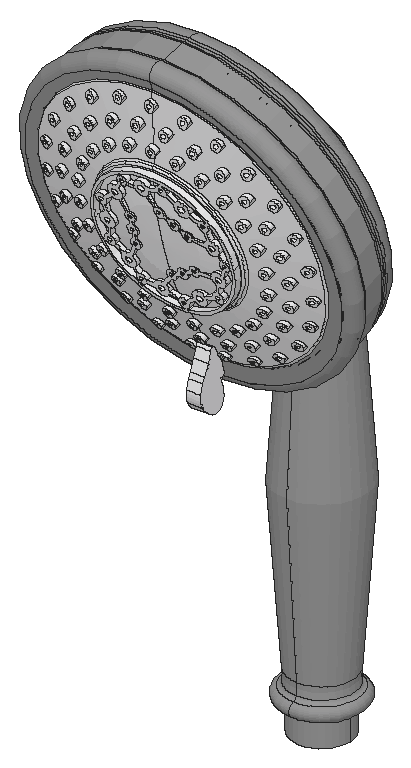
Revit family "Shower-Handshower-KOHLER-RAIN_DUET-K-98952T_1", category Plumbing Fixtures, host Face, Revit 2017 (continued)
Definition of nested family "K-98952T"
  Lines and regions (in)
    symbolic lines, detail levels medium+fine
      curve 207: spline (0.76282, 0, 6.97311) -> (0.76001, 0, 6.97206) -> (0.75705, 0, 6.97157) -> (0.75404, 0, 6.97166) -> (0.75111, 0, 6.97232) -> (0.74837, 0, 6.97353) -> (0.74594, 0, 6.97524) -> (0.74391, 0, 6.97738) -> (0.74237, 0, 6.97986) -> (0.74137, 0, 6.98259) -> (0.74095, 0, 6.98546) -> (0.74114, 0, 6.98835) -> (0.74192, 0, 6.99114)
      curve 208: spline (0.71493, 0, 6.95702) -> (0.71733, 0, 6.95838) -> (0.71997, 0, 6.95925) -> (0.72273, 0, 6.9596) -> (0.72552, 0, 6.95942) -> (0.7282, 0, 6.9587) -> (0.73069, 0, 6.95748) -> (0.73287, 0, 6.95581) -> (0.73466, 0, 6.95375) -> (0.73599, 0, 6.95139) -> (0.73681, 0, 6.94883) -> (0.73707, 0, 6.94616) -> (0.73678, 0, 6.94349)
      curve 209: spline (0.16468, 0, 6.63632) -> (0.16112, 0, 6.63554) -> (0.15747, 0, 6.63562) -> (0.15395, 0, 6.63656) -> (0.15078, 0, 6.63831) -> (0.14816, 0, 6.64075) -> (0.14624, 0, 6.64374) -> (0.14515, 0, 6.64709) -> (0.14495, 0, 6.6506) -> (0.14565, 0, 6.65405) -> (0.14721, 0, 6.65722) -> (0.14954, 0, 6.65993) -> (0.15248, 0, 6.66201)
      curve 210: spline (0.11033, 0, 6.65258) -> (0.11306, 0, 6.65216) -> (0.11564, 0, 6.65118) -> (0.11794, 0, 6.64968) -> (0.11984, 0, 6.64775) -> (0.12127, 0, 6.64546) -> (0.12215, 0, 6.64293) -> (0.12244, 0, 6.64028) -> (0.12213, 0, 6.63763) -> (0.12123, 0, 6.63511) -> (0.11979, 0, 6.63284) -> (0.11786, 0, 6.63092) -> (0.11556, 0, 6.62944)
      curve 211: spline (-0.49847, 0, 6.75211) -> (-0.5007, 0, 6.75516) -> (-0.50225, 0, 6.75858) -> (-0.50306, 0, 6.76222) -> (-0.5031, 0, 6.76595) -> (-0.50237, 0, 6.76962) -> (-0.50089, 0, 6.77306) -> (-0.49873, 0, 6.77616) -> (-0.49596, 0, 6.77878) -> (-0.49271, 0, 6.78081) -> (-0.48911, 0, 6.78218) -> (-0.48529, 0, 6.78283) -> (-0.48141, 0, 6.78274)
      curve 212: spline (-0.52005, 0, 6.79978) -> (-0.51767, 0, 6.79718) -> (-0.51596, 0, 6.79413) -> (-0.51502, 0, 6.79079) -> (-0.51489, 0, 6.78733) -> (-0.51558, 0, 6.78394) -> (-0.51706, 0, 6.78078) -> (-0.51924, 0, 6.77802) -> (-0.52201, 0, 6.77581) -> (-0.52523, 0, 6.77427) -> (-0.52873, 0, 6.77346) -> (-0.53233, 0, 6.77344) -> (-0.53584, 0, 6.77421)
      curve 213: spline (-0.91965, 0, 7.22774) -> (-0.9205, 0, 7.2314) -> (-0.92046, 0, 7.23514) -> (-0.91951, 0, 7.23878) -> (-0.91772, 0, 7.24211) -> (-0.91517, 0, 7.24495) -> (-0.91202, 0, 7.24715) -> (-0.90842, 0, 7.24859) -> (-0.90457, 0, 7.2492) -> (-0.90068, 0, 7.24893) -> (-0.89696, 0, 7.24781) -> (-0.89361, 0, 7.24589) -> (-0.89081, 0, 7.24328)
      curve 214: spline (-0.90804, 0, 7.28282) -> (-0.9081, 0, 7.2792) -> (-0.90907, 0, 7.2757) -> (-0.91091, 0, 7.27253) -> (-0.9135, 0, 7.2699) -> (-0.91668, 0, 7.26795) -> (-0.92026, 0, 7.26681) -> (-0.92401, 0, 7.26655) -> (-0.92773, 0, 7.26718) -> (-0.93116, 0, 7.26867) -> (-0.93412, 0, 7.27092) -> (-0.93641, 0, 7.2738) -> (-0.9379, 0, 7.27712)
      curve 215: spline (-0.87988, 0, 7.9386) -> (-0.88192, 0, 7.93627) -> (-0.88448, 0, 7.9345) -> (-0.88743, 0, 7.93338) -> (-0.89056, 0, 7.933) -> (-0.8937, 0, 7.93337) -> (-0.89665, 0, 7.93447) -> (-0.89923, 0, 7.93623) -> (-0.90127, 0, 7.93855) -> (-0.90266, 0, 7.94128) -> (-0.90331, 0, 7.94426) -> (-0.90318, 0, 7.94729) -> (-0.90227, 0, 7.95021)
      curve 216: spline (-0.91992, 0, 7.91016) -> (-0.91744, 0, 7.91207) -> (-0.91462, 0, 7.91347) -> (-0.91157, 0, 7.91432) -> (-0.90841, 0, 7.91457) -> (-0.90526, 0, 7.91423) -> (-0.90224, 0, 7.9133) -> (-0.89946, 0, 7.91183) -> (-0.89704, 0, 7.90986) -> (-0.89506, 0, 7.90747) -> (-0.89361, 0, 7.90476) -> (-0.89274, 0, 7.90182) -> (-0.89248, 0, 7.89878)
      curve 217: circle (0, 0, 7.60719) r 0.25187 normal (0, -1, 0)
      curve 218: spline (-0.14447, 0, 8.36538) -> (-0.13187, 0, 8.36379) -> (-0.12013, 0, 8.35911) -> (-0.11005, 0, 8.35167) -> (-0.10231, 0, 8.34198) -> (-0.09745, 0, 8.33069) -> (-0.09579, 0, 8.31858) -> (-0.09745, 0, 8.30646) -> (-0.10231, 0, 8.29517) -> (-0.11005, 0, 8.28548) -> (-0.12013, 0, 8.27804) -> (-0.13187, 0, 8.27336) -> (-0.14447, 0, 8.27177)
      curve 219: spline (-0.14447, 0, 8.27177) -> (-0.15706, 0, 8.27336) -> (-0.1688, 0, 8.27804) -> (-0.17888, 0, 8.28548) -> (-0.18662, 0, 8.29517) -> (-0.19148, 0, 8.30646) -> (-0.19314, 0, 8.31858) -> (-0.19148, 0, 8.33069) -> (-0.18662, 0, 8.34198) -> (-0.17888, 0, 8.35167) -> (-0.1688, 0, 8.35911) -> (-0.15706, 0, 8.36379) -> (-0.14447, 0, 8.36538)
      curve 220: spline (-0.42234, 0, 8.35243) -> (-0.41372, 0, 8.35134) -> (-0.40568, 0, 8.34814) -> (-0.39878, 0, 8.34305) -> (-0.39349, 0, 8.33641) -> (-0.39016, 0, 8.32868) -> (-0.38903, 0, 8.32039) -> (-0.39016, 0, 8.3121) -> (-0.39349, 0, 8.30437) -> (-0.39878, 0, 8.29773) -> (-0.40568, 0, 8.29264) -> (-0.41372, 0, 8.28944) -> (-0.42234, 0, 8.28835)
      curve 221: spline (-0.42234, 0, 8.28835) -> (-0.43096, 0, 8.28944) -> (-0.439, 0, 8.29264) -> (-0.4459, 0, 8.29773) -> (-0.45119, 0, 8.30437) -> (-0.45452, 0, 8.3121) -> (-0.45566, 0, 8.32039) -> (-0.45452, 0, 8.32868) -> (-0.45119, 0, 8.33641) -> (-0.4459, 0, 8.34305) -> (-0.439, 0, 8.34814) -> (-0.43096, 0, 8.35134) -> (-0.42234, 0, 8.35243)
      curve 222: spline (-0.57492, 0, 8.14178) -> (-0.56275, 0, 8.14024) -> (-0.55141, 0, 8.13573) -> (-0.54167, 0, 8.12854) -> (-0.53419, 0, 8.11917) -> (-0.5295, 0, 8.10827) -> (-0.52789, 0, 8.09656) -> (-0.5295, 0, 8.08486) -> (-0.53419, 0, 8.07395) -> (-0.54167, 0, 8.06459) -> (-0.55141, 0, 8.0574) -> (-0.56275, 0, 8.05288) -> (-0.57492, 0, 8.05134)
      curve 223: spline (-0.57492, 0, 8.05134) -> (-0.58709, 0, 8.05288) -> (-0.59843, 0, 8.0574) -> (-0.60817, 0, 8.06459) -> (-0.61564, 0, 8.07395) -> (-0.62034, 0, 8.08486) -> (-0.62194, 0, 8.09656) -> (-0.62034, 0, 8.10827) -> (-0.61564, 0, 8.11917) -> (-0.60817, 0, 8.12854) -> (-0.59843, 0, 8.13573) -> (-0.58709, 0, 8.14024) -> (-0.57492, 0, 8.14178)
      curve 224: spline (-0.81395, 0, 7.93232) -> (-0.8046, 0, 7.93113) -> (-0.79588, 0, 7.92766) -> (-0.7884, 0, 7.92214) -> (-0.78266, 0, 7.91494) -> (-0.77905, 0, 7.90656) -> (-0.77782, 0, 7.89756) -> (-0.77905, 0, 7.88857) -> (-0.78266, 0, 7.88019) -> (-0.7884, 0, 7.87299) -> (-0.79588, 0, 7.86747) -> (-0.8046, 0, 7.86399) -> (-0.81395, 0, 7.86281)
      curve 225: spline (-0.81395, 0, 7.86281) -> (-0.82331, 0, 7.86399) -> (-0.83202, 0, 7.86747) -> (-0.83951, 0, 7.87299) -> (-0.84525, 0, 7.88019) -> (-0.84886, 0, 7.88857) -> (-0.85009, 0, 7.89756) -> (-0.84886, 0, 7.90656) -> (-0.84525, 0, 7.91494) -> (-0.83951, 0, 7.92214) -> (-0.83202, 0, 7.92766) -> (-0.82331, 0, 7.93113) -> (-0.81395, 0, 7.93232)
      curve 226: spline (-0.42575, 0, 7.75729) -> (-0.43405, 0, 7.75834) -> (-0.44178, 0, 7.76142) -> (-0.44842, 0, 7.76632) -> (-0.45352, 0, 7.77271) -> (-0.45672, 0, 7.78014) -> (-0.45781, 0, 7.78812) -> (-0.45672, 0, 7.7961) -> (-0.45352, 0, 7.80354) -> (-0.44842, 0, 7.80992) -> (-0.44178, 0, 7.81482) -> (-0.43405, 0, 7.8179) -> (-0.42575, 0, 7.81895)
      curve 227: spline (-0.42575, 0, 7.81895) -> (-0.41746, 0, 7.8179) -> (-0.40973, 0, 7.81482) -> (-0.40309, 0, 7.80992) -> (-0.39799, 0, 7.80354) -> (-0.39479, 0, 7.7961) -> (-0.3937, 0, 7.78812) -> (-0.39479, 0, 7.78014) -> (-0.39799, 0, 7.77271) -> (-0.40309, 0, 7.76632) -> (-0.40973, 0, 7.76142) -> (-0.41746, 0, 7.75834) -> (-0.42575, 0, 7.75729)
      curve 228: spline (-0.79618, 0, 7.63078) -> (-0.7862, 0, 7.62952) -> (-0.77689, 0, 7.62581) -> (-0.7689, 0, 7.61991) -> (-0.76277, 0, 7.61223) -> (-0.75891, 0, 7.60328) -> (-0.7576, 0, 7.59367) -> (-0.75891, 0, 7.58407) -> (-0.76277, 0, 7.57512) -> (-0.7689, 0, 7.56743) -> (-0.77689, 0, 7.56154) -> (-0.7862, 0, 7.55783) -> (-0.79618, 0, 7.55656)
      curve 229: spline (-0.79618, 0, 7.55656) -> (-0.80617, 0, 7.55783) -> (-0.81547, 0, 7.56154) -> (-0.82347, 0, 7.56743) -> (-0.8296, 0, 7.57512) -> (-0.83345, 0, 7.58407) -> (-0.83477, 0, 7.59367) -> (-0.83345, 0, 7.60328) -> (-0.8296, 0, 7.61223) -> (-0.82347, 0, 7.61991) -> (-0.81547, 0, 7.62581) -> (-0.80617, 0, 7.62952) -> (-0.79618, 0, 7.63078)
      curve 230: spline (-0.43701, 0, 7.56036) -> (-0.44497, 0, 7.56137) -> (-0.45239, 0, 7.56433) -> (-0.45876, 0, 7.56903) -> (-0.46365, 0, 7.57515) -> (-0.46672, 0, 7.58229) -> (-0.46777, 0, 7.58995) -> (-0.46672, 0, 7.5976) -> (-0.46365, 0, 7.60474) -> (-0.45876, 0, 7.61086) -> (-0.45239, 0, 7.61557) -> (-0.44497, 0, 7.61852) -> (-0.43701, 0, 7.61953)
      curve 231: spline (-0.43701, 0, 7.61953) -> (-0.42904, 0, 7.61852) -> (-0.42163, 0, 7.61557) -> (-0.41525, 0, 7.61086) -> (-0.41037, 0, 7.60474) -> (-0.40729, 0, 7.5976) -> (-0.40624, 0, 7.58995) -> (-0.40729, 0, 7.58229) -> (-0.41037, 0, 7.57515) -> (-0.41525, 0, 7.56903) -> (-0.42163, 0, 7.56433) -> (-0.42904, 0, 7.56137) -> (-0.43701, 0, 7.56036)
      curve 232: spline (-0.82997, 0, 7.25946) -> (-0.83847, 0, 7.26054) -> (-0.84639, 0, 7.26369) -> (-0.85319, 0, 7.26871) -> (-0.85841, 0, 7.27525) -> (-0.86169, 0, 7.28287) -> (-0.86281, 0, 7.29104) -> (-0.86169, 0, 7.29921) -> (-0.85841, 0, 7.30683) -> (-0.85319, 0, 7.31337) -> (-0.84639, 0, 7.31839) -> (-0.83847, 0, 7.32154) -> (-0.82997, 0, 7.32262)
      curve 233: spline (-0.82997, 0, 7.32262) -> (-0.82148, 0, 7.32154) -> (-0.81356, 0, 7.31839) -> (-0.80676, 0, 7.31337) -> (-0.80154, 0, 7.30683) -> (-0.79826, 0, 7.29921) -> (-0.79714, 0, 7.29104) -> (-0.79826, 0, 7.28287) -> (-0.80154, 0, 7.27525) -> (-0.80676, 0, 7.26871) -> (-0.81356, 0, 7.26369) -> (-0.82148, 0, 7.26054) -> (-0.82997, 0, 7.25946)
      curve 234: spline (-0.4365, 0, 7.3505) -> (-0.44481, 0, 7.35156) -> (-0.45255, 0, 7.35464) -> (-0.4592, 0, 7.35955) -> (-0.4643, 0, 7.36594) -> (-0.46751, 0, 7.37339) -> (-0.46861, 0, 7.38138) -> (-0.46751, 0, 7.38938) -> (-0.4643, 0, 7.39682) -> (-0.4592, 0, 7.40322) -> (-0.45255, 0, 7.40813) -> (-0.44481, 0, 7.41121) -> (-0.4365, 0, 7.41226)
      curve 235: spline (-0.4365, 0, 7.41226) -> (-0.42819, 0, 7.41121) -> (-0.42044, 0, 7.40813) -> (-0.41379, 0, 7.40322) -> (-0.40869, 0, 7.39682) -> (-0.40548, 0, 7.38938) -> (-0.40439, 0, 7.38138) -> (-0.40548, 0, 7.37339) -> (-0.40869, 0, 7.36594) -> (-0.41379, 0, 7.35955) -> (-0.42044, 0, 7.35464) -> (-0.42819, 0, 7.35156) -> (-0.4365, 0, 7.3505)
      curve 236: spline (-0.60175, 0, 7.03686) -> (-0.61353, 0, 7.03835) -> (-0.62451, 0, 7.04272) -> (-0.63394, 0, 7.04968) -> (-0.64117, 0, 7.05874) -> (-0.64572, 0, 7.0693) -> (-0.64727, 0, 7.08063) -> (-0.64572, 0, 7.09196) -> (-0.64117, 0, 7.10251) -> (-0.63394, 0, 7.11158) -> (-0.62451, 0, 7.11853) -> (-0.61353, 0, 7.12291) -> (-0.60175, 0, 7.1244)
      curve 237: spline (-0.60175, 0, 7.1244) -> (-0.58997, 0, 7.12291) -> (-0.579, 0, 7.11853) -> (-0.56957, 0, 7.11158) -> (-0.56234, 0, 7.10251) -> (-0.55779, 0, 7.09196) -> (-0.55624, 0, 7.08063) -> (-0.55779, 0, 7.0693) -> (-0.56234, 0, 7.05874) -> (-0.56957, 0, 7.04968) -> (-0.579, 0, 7.04272) -> (-0.58997, 0, 7.03835) -> (-0.60175, 0, 7.03686)
      curve 238: spline (-0.47255, 0, 6.88051) -> (-0.46443, 0, 6.87948) -> (-0.45687, 0, 6.87647) -> (-0.45038, 0, 6.87168) -> (-0.4454, 0, 6.86543) -> (-0.44227, 0, 6.85816) -> (-0.4412, 0, 6.85036) -> (-0.44227, 0, 6.84256) -> (-0.4454, 0, 6.83529) -> (-0.45038, 0, 6.82904) -> (-0.45687, 0, 6.82425) -> (-0.46443, 0, 6.82124) -> (-0.47255, 0, 6.82021)
      curve 239: spline (-0.47255, 0, 6.82021) -> (-0.48066, 0, 6.82124) -> (-0.48822, 0, 6.82425) -> (-0.49471, 0, 6.82904) -> (-0.4997, 0, 6.83529) -> (-0.50283, 0, 6.84256) -> (-0.5039, 0, 6.85036) -> (-0.50283, 0, 6.85816) -> (-0.4997, 0, 6.86543) -> (-0.49471, 0, 6.87168) -> (-0.48822, 0, 6.87647) -> (-0.48066, 0, 6.87948) -> (-0.47255, 0, 6.88051)
      curve 240: spline (-0.1844, 0, 6.87171) -> (-0.17253, 0, 6.8702) -> (-0.16147, 0, 6.8658) -> (-0.15197, 0, 6.85879) -> (-0.14469, 0, 6.84966) -> (-0.1401, 0, 6.83902) -> (-0.13854, 0, 6.82761) -> (-0.1401, 0, 6.81619) -> (-0.14469, 0, 6.80556) -> (-0.15197, 0, 6.79642) -> (-0.16147, 0, 6.78941) -> (-0.17253, 0, 6.78501) -> (-0.1844, 0, 6.78351)
      curve 241: spline (-0.1844, 0, 6.78351) -> (-0.19627, 0, 6.78501) -> (-0.20732, 0, 6.78941) -> (-0.21682, 0, 6.79642) -> (-0.22411, 0, 6.80556) -> (-0.22869, 0, 6.81619) -> (-0.23025, 0, 6.82761) -> (-0.22869, 0, 6.83902) -> (-0.22411, 0, 6.84966) -> (-0.21682, 0, 6.85879) -> (-0.20732, 0, 6.8658) -> (-0.19627, 0, 6.8702) -> (-0.1844, 0, 6.87171)
      curve 242: spline (0.01877, 0, 7.0749) -> (0.01038, 0, 7.07596) -> (0.00257, 0, 7.07907) -> (-0.00414, 0, 7.08403) -> (-0.00929, 0, 7.09048) -> (-0.01253, 0, 7.098) -> (-0.01363, 0, 7.10606) -> (-0.01253, 0, 7.11412) -> (-0.00929, 0, 7.12164) -> (-0.00414, 0, 7.12809) -> (0.00257, 0, 7.13304) -> (0.01038, 0, 7.13616) -> (0.01877, 0, 7.13722)
      curve 243: spline (0.01877, 0, 7.13722) -> (0.02715, 0, 7.13616) -> (0.03497, 0, 7.13304) -> (0.04168, 0, 7.12809) -> (0.04683, 0, 7.12164) -> (0.05006, 0, 7.11412) -> (0.05117, 0, 7.10606) -> (0.05006, 0, 7.098) -> (0.04683, 0, 7.09048) -> (0.04168, 0, 7.08403) -> (0.03497, 0, 7.07907) -> (0.02715, 0, 7.07596) -> (0.01877, 0, 7.0749)
      curve 244: spline (0.11432, 0, 6.69759) -> (0.10613, 0, 6.69862) -> (0.0985, 0, 6.70166) -> (0.09194, 0, 6.7065) -> (0.08692, 0, 6.7128) -> (0.08375, 0, 6.72014) -> (0.08268, 0, 6.72802) -> (0.08375, 0, 6.73589) -> (0.08692, 0, 6.74323) -> (0.09194, 0, 6.74953) -> (0.0985, 0, 6.75437) -> (0.10613, 0, 6.75741) -> (0.11432, 0, 6.75844)
      curve 245: spline (0.11432, 0, 6.75844) -> (0.12251, 0, 6.75741) -> (0.13014, 0, 6.75437) -> (0.13669, 0, 6.74953) -> (0.14172, 0, 6.74323) -> (0.14488, 0, 6.73589) -> (0.14596, 0, 6.72802) -> (0.14488, 0, 6.72014) -> (0.14172, 0, 6.7128) -> (0.13669, 0, 6.7065) -> (0.13014, 0, 6.70166) -> (0.12251, 0, 6.69862) -> (0.11432, 0, 6.69759)
      curve 246: spline (0.37908, 0, 6.94177) -> (0.39173, 0, 6.94017) -> (0.40352, 0, 6.93547) -> (0.41364, 0, 6.928) -> (0.42141, 0, 6.91827) -> (0.42629, 0, 6.90693) -> (0.42796, 0, 6.89476) -> (0.42629, 0, 6.8826) -> (0.42141, 0, 6.87126) -> (0.41364, 0, 6.86152) -> (0.40352, 0, 6.85405) -> (0.39173, 0, 6.84936) -> (0.37908, 0, 6.84776)
      curve 247: spline (0.37908, 0, 6.84776) -> (0.36643, 0, 6.84936) -> (0.35464, 0, 6.85405) -> (0.34452, 0, 6.86152) -> (0.33675, 0, 6.87126) -> (0.33187, 0, 6.8826) -> (0.3302, 0, 6.89476) -> (0.33187, 0, 6.90693) -> (0.33675, 0, 6.91827) -> (0.34452, 0, 6.928) -> (0.35464, 0, 6.93547) -> (0.36643, 0, 6.94017) -> (0.37908, 0, 6.94177)
      curve 248: spline (0.66849, 0, 7.04854) -> (0.67673, 0, 7.04749) -> (0.6844, 0, 7.04444) -> (0.69099, 0, 7.03957) -> (0.69605, 0, 7.03323) -> (0.69923, 0, 7.02585) -> (0.70032, 0, 7.01793) -> (0.69923, 0, 7.01001) -> (0.69605, 0, 7.00263) -> (0.69099, 0, 6.99629) -> (0.6844, 0, 6.99143) -> (0.67673, 0, 6.98837) -> (0.66849, 0, 6.98733)
      curve 249: spline (0.66849, 0, 6.98733) -> (0.66026, 0, 6.98837) -> (0.65258, 0, 6.99143) -> (0.64599, 0, 6.99629) -> (0.64093, 0, 7.00263) -> (0.63776, 0, 7.01001) -> (0.63667, 0, 7.01793) -> (0.63776, 0, 7.02585) -> (0.64093, 0, 7.03323) -> (0.64599, 0, 7.03957) -> (0.65258, 0, 7.04444) -> (0.66026, 0, 7.04749) -> (0.66849, 0, 7.04854)
      curve 250: spline (0.20285, 0, 7.22633) -> (0.21107, 0, 7.22529) -> (0.21873, 0, 7.22224) -> (0.22531, 0, 7.21738) -> (0.23036, 0, 7.21105) -> (0.23353, 0, 7.20368) -> (0.23462, 0, 7.19578) -> (0.23353, 0, 7.18787) -> (0.23036, 0, 7.1805) -> (0.22531, 0, 7.17417) -> (0.21873, 0, 7.16932) -> (0.21107, 0, 7.16627) -> (0.20285, 0, 7.16523)
      curve 251: spline (0.20285, 0, 7.16523) -> (0.19463, 0, 7.16627) -> (0.18697, 0, 7.16932) -> (0.18039, 0, 7.17417) -> (0.17534, 0, 7.1805) -> (0.17216, 0, 7.18787) -> (0.17108, 0, 7.19578) -> (0.17216, 0, 7.20368) -> (0.17534, 0, 7.21105) -> (0.18039, 0, 7.21738) -> (0.18697, 0, 7.22224) -> (0.19463, 0, 7.22529) -> (0.20285, 0, 7.22633)
      curve 252: spline (0.3904, 0, 7.33043) -> (0.39846, 0, 7.32941) -> (0.40598, 0, 7.32642) -> (0.41243, 0, 7.32166) -> (0.41738, 0, 7.31546) -> (0.42049, 0, 7.30823) -> (0.42155, 0, 7.30048) -> (0.42049, 0, 7.29273) -> (0.41738, 0, 7.2855) -> (0.41243, 0, 7.2793) -> (0.40598, 0, 7.27454) -> (0.39846, 0, 7.27155) -> (0.3904, 0, 7.27053)
      curve 253: spline (0.3904, 0, 7.27053) -> (0.38234, 0, 7.27155) -> (0.37483, 0, 7.27454) -> (0.36838, 0, 7.2793) -> (0.36343, 0, 7.2855) -> (0.36032, 0, 7.29273) -> (0.35926, 0, 7.30048) -> (0.36032, 0, 7.30823) -> (0.36343, 0, 7.31546) -> (0.36838, 0, 7.32166) -> (0.37483, 0, 7.32642) -> (0.38234, 0, 7.32941) -> (0.3904, 0, 7.33043)
      curve 254: spline (0.74386, 0, 7.35799) -> (0.75591, 0, 7.35646) -> (0.76713, 0, 7.35199) -> (0.77677, 0, 7.34488) -> (0.78417, 0, 7.3356) -> (0.78882, 0, 7.32481) -> (0.79041, 0, 7.31322) -> (0.78882, 0, 7.30163) -> (0.78417, 0, 7.29084) -> (0.77677, 0, 7.28156) -> (0.76713, 0, 7.27445) -> (0.75591, 0, 7.26998) -> (0.74386, 0, 7.26845)
      curve 255: spline (0.74386, 0, 7.26845) -> (0.73181, 0, 7.26998) -> (0.72058, 0, 7.27445) -> (0.71094, 0, 7.28156) -> (0.70354, 0, 7.29084) -> (0.69889, 0, 7.30163) -> (0.69731, 0, 7.31322) -> (0.69889, 0, 7.32481) -> (0.70354, 0, 7.3356) -> (0.71094, 0, 7.34488) -> (0.72058, 0, 7.35199) -> (0.73181, 0, 7.35646) -> (0.74386, 0, 7.35799)
      curve 256: spline (0.88758, 0, 7.53977) -> (0.87921, 0, 7.54083) -> (0.87141, 0, 7.54394) -> (0.8647, 0, 7.54889) -> (0.85956, 0, 7.55533) -> (0.85633, 0, 7.56284) -> (0.85523, 0, 7.57089) -> (0.85633, 0, 7.57895) -> (0.85956, 0, 7.58645) -> (0.8647, 0, 7.5929) -> (0.87141, 0, 7.59784) -> (0.87921, 0, 7.60095) -> (0.88758, 0, 7.60201)
      curve 257: spline (0.88758, 0, 7.60201) -> (0.89596, 0, 7.60095) -> (0.90376, 0, 7.59784) -> (0.91046, 0, 7.5929) -> (0.9156, 0, 7.58645) -> (0.91884, 0, 7.57895) -> (0.91994, 0, 7.57089) -> (0.91884, 0, 7.56284) -> (0.9156, 0, 7.55533) -> (0.91046, 0, 7.54889) -> (0.90376, 0, 7.54394) -> (0.89596, 0, 7.54083) -> (0.88758, 0, 7.53977)
      curve 258: spline (0.75695, 0, 7.8342) -> (0.76932, 0, 7.83264) -> (0.78084, 0, 7.82805) -> (0.79074, 0, 7.82074) -> (0.79833, 0, 7.81123) -> (0.8031, 0, 7.80015) -> (0.80473, 0, 7.78826) -> (0.8031, 0, 7.77636) -> (0.79833, 0, 7.76528) -> (0.79074, 0, 7.75577) -> (0.78084, 0, 7.74846) -> (0.76932, 0, 7.74387) -> (0.75695, 0, 7.74231)
      curve 259: spline (0.75695, 0, 7.74231) -> (0.74459, 0, 7.74387) -> (0.73307, 0, 7.74846) -> (0.72317, 0, 7.75577) -> (0.71558, 0, 7.76528) -> (0.71081, 0, 7.77636) -> (0.70918, 0, 7.78826) -> (0.71081, 0, 7.80015) -> (0.71558, 0, 7.81123) -> (0.72317, 0, 7.82074) -> (0.73307, 0, 7.82805) -> (0.74459, 0, 7.83264) -> (0.75695, 0, 7.8342)
      curve 260: spline (0.40463, 0, 7.84924) -> (0.41297, 0, 7.84818) -> (0.42074, 0, 7.84509) -> (0.42742, 0, 7.84016) -> (0.43254, 0, 7.83374) -> (0.43576, 0, 7.82626) -> (0.43686, 0, 7.81824) -> (0.43576, 0, 7.81022) -> (0.43254, 0, 7.80274) -> (0.42742, 0, 7.79632) -> (0.42074, 0, 7.79139) -> (0.41297, 0, 7.7883) -> (0.40463, 0, 7.78724)
      curve 261: spline (0.40463, 0, 7.78724) -> (0.39628, 0, 7.7883) -> (0.38851, 0, 7.79139) -> (0.38183, 0, 7.79632) -> (0.37671, 0, 7.80274) -> (0.37349, 0, 7.81022) -> (0.37239, 0, 7.81824) -> (0.37349, 0, 7.82626) -> (0.37671, 0, 7.83374) -> (0.38183, 0, 7.84016) -> (0.38851, 0, 7.84509) -> (0.39628, 0, 7.84818) -> (0.40463, 0, 7.84924)
      curve 262: spline (0.2318, 0, 7.96239) -> (0.2414, 0, 7.96117) -> (0.25035, 0, 7.95761) -> (0.25804, 0, 7.95194) -> (0.26393, 0, 7.94455) -> (0.26764, 0, 7.93594) -> (0.26891, 0, 7.9267) -> (0.26764, 0, 7.91746) -> (0.26393, 0, 7.90886) -> (0.25804, 0, 7.90146) -> (0.25035, 0, 7.89579) -> (0.2414, 0, 7.89223) -> (0.2318, 0, 7.89101)
      curve 263: spline (0.2318, 0, 7.89101) -> (0.22219, 0, 7.89223) -> (0.21324, 0, 7.89579) -> (0.20556, 0, 7.90146) -> (0.19966, 0, 7.90886) -> (0.19595, 0, 7.91746) -> (0.19469, 0, 7.9267) -> (0.19595, 0, 7.93594) -> (0.19966, 0, 7.94455) -> (0.20556, 0, 7.95194) -> (0.21324, 0, 7.95761) -> (0.22219, 0, 7.96117) -> (0.2318, 0, 7.96239)
      curve 264: spline (0.04373, 0, 8.06296) -> (0.05245, 0, 8.06186) -> (0.06058, 0, 8.05862) -> (0.06756, 0, 8.05347) -> (0.07291, 0, 8.04676) -> (0.07628, 0, 8.03894) -> (0.07742, 0, 8.03056) -> (0.07628, 0, 8.02217) -> (0.07291, 0, 8.01436) -> (0.06756, 0, 8.00765) -> (0.06058, 0, 8.0025) -> (0.05245, 0, 7.99926) -> (0.04373, 0, 7.99816)
      curve 265: spline (0.04373, 0, 7.99816) -> (0.03502, 0, 7.99926) -> (0.02689, 0, 8.0025) -> (0.01991, 0, 8.00765) -> (0.01456, 0, 8.01436) -> (0.01119, 0, 8.02217) -> (0.01004, 0, 8.03056) -> (0.01119, 0, 8.03894) -> (0.01456, 0, 8.04676) -> (0.01991, 0, 8.05347) -> (0.02689, 0, 8.05862) -> (0.03502, 0, 8.06186) -> (0.04373, 0, 8.06296)
      curve 266: spline (0.15912, 0, 8.43454) -> (0.16749, 0, 8.43348) -> (0.17528, 0, 8.43037) -> (0.18198, 0, 8.42543) -> (0.18712, 0, 8.41899) -> (0.19034, 0, 8.4115) -> (0.19145, 0, 8.40345) -> (0.19034, 0, 8.3954) -> (0.18712, 0, 8.38791) -> (0.18198, 0, 8.38147) -> (0.17528, 0, 8.37653) -> (0.16749, 0, 8.37342) -> (0.15912, 0, 8.37236)
      curve 267: spline (0.15912, 0, 8.37236) -> (0.15075, 0, 8.37342) -> (0.14296, 0, 8.37653) -> (0.13626, 0, 8.38147) -> (0.13113, 0, 8.38791) -> (0.1279, 0, 8.3954) -> (0.1268, 0, 8.40345) -> (0.1279, 0, 8.4115) -> (0.13113, 0, 8.41899) -> (0.13626, 0, 8.42543) -> (0.14296, 0, 8.43037) -> (0.15075, 0, 8.43348) -> (0.15912, 0, 8.43454)
      curve 268: spline (0.41452, 0, 8.27373) -> (0.4282, 0, 8.272) -> (0.44094, 0, 8.26692) -> (0.45189, 0, 8.25884) -> (0.46029, 0, 8.24832) -> (0.46557, 0, 8.23606) -> (0.46737, 0, 8.22291) -> (0.46557, 0, 8.20975) -> (0.46029, 0, 8.19749) -> (0.45189, 0, 8.18697) -> (0.44094, 0, 8.17889) -> (0.4282, 0, 8.17381) -> (0.41452, 0, 8.17208)
      curve 269: spline (0.41452, 0, 8.17208) -> (0.40084, 0, 8.17381) -> (0.3881, 0, 8.17889) -> (0.37715, 0, 8.18697) -> (0.36875, 0, 8.19749) -> (0.36347, 0, 8.20975) -> (0.36167, 0, 8.22291) -> (0.36347, 0, 8.23606) -> (0.36875, 0, 8.24832) -> (0.37715, 0, 8.25884) -> (0.3881, 0, 8.26692) -> (0.40084, 0, 8.272) -> (0.41452, 0, 8.27373)
      curve 270: spline (0.69728, 0, 8.11869) -> (0.70585, 0, 8.1176) -> (0.71383, 0, 8.11442) -> (0.72069, 0, 8.10936) -> (0.72595, 0, 8.10276) -> (0.72926, 0, 8.09508) -> (0.73039, 0, 8.08684) -> (0.72926, 0, 8.0786) -> (0.72595, 0, 8.07092) -> (0.72069, 0, 8.06433) -> (0.71383, 0, 8.05927) -> (0.70585, 0, 8.05609) -> (0.69728, 0, 8.055)
      curve 271: spline (0.69728, 0, 8.055) -> (0.68871, 0, 8.05609) -> (0.68072, 0, 8.05927) -> (0.67386, 0, 8.06433) -> (0.6686, 0, 8.07092) -> (0.6653, 0, 8.0786) -> (0.66417, 0, 8.08684) -> (0.6653, 0, 8.09508) -> (0.6686, 0, 8.10276) -> (0.67386, 0, 8.10936) -> (0.68072, 0, 8.11442) -> (0.68871, 0, 8.1176) -> (0.69728, 0, 8.11869)
      curve 272: spline (-0.54174, 0, 9.38735) -> (-0.53955, 0, 9.40621) -> (-0.53244, 0, 9.42382) -> (-0.52092, 0, 9.43892) -> (-0.50582, 0, 9.45041) -> (-0.48822, 0, 9.45748) -> (-0.4694, 0, 9.45962) -> (-0.4507, 0, 9.45666) -> (-0.43348, 0, 9.44882) -> (-0.41897, 0, 9.43668) -> (-0.40821, 0, 9.42109) -> (-0.40198, 0, 9.40319) -> (-0.40073, 0, 9.38425)
      curve 273: spline (-0.39951, 0, 9.38419) -> (-0.40172, 0, 9.36535) -> (-0.40884, 0, 9.34776) -> (-0.42036, 0, 9.33269) -> (-0.43546, 0, 9.32121) -> (-0.45304, 0, 9.31415) -> (-0.47184, 0, 9.31202) -> (-0.49053, 0, 9.31498) -> (-0.50774, 0, 9.3228) -> (-0.52225, 0, 9.33493) -> (-0.53302, 0, 9.35049) -> (-0.53927, 0, 9.36838) -> (-0.54055, 0, 9.3873)
      curve 274: spline (-0.47664, 0, 9.4189) -> (-0.46808, 0, 9.41899) -> (-0.45978, 0, 9.41692) -> (-0.45226, 0, 9.41281) -> (-0.44603, 0, 9.40694) -> (-0.44148, 0, 9.39968) -> (-0.4389, 0, 9.3915) -> (-0.43846, 0, 9.38292) -> (-0.44019, 0, 9.37451) -> (-0.44397, 0, 9.3668) -> (-0.44957, 0, 9.3603) -> (-0.45662, 0, 9.35541) -> (-0.46467, 0, 9.35246)
      curve 275: spline (-0.46467, 0, 9.35246) -> (-0.47322, 0, 9.35238) -> (-0.48151, 0, 9.35447) -> (-0.489, 0, 9.35858) -> (-0.49522, 0, 9.36445) -> (-0.49977, 0, 9.3717) -> (-0.50234, 0, 9.37987) -> (-0.50278, 0, 9.38843) -> (-0.50106, 0, 9.39684) -> (-0.49729, 0, 9.40454) -> (-0.49171, 0, 9.41104) -> (-0.48467, 0, 9.41594) -> (-0.47664, 0, 9.4189)
      curve 276: spline (-0.27315, 0, 9.11866) -> (-0.27271, 0, 9.1374) -> (-0.26737, 0, 9.15536) -> (-0.25749, 0, 9.17128) -> (-0.24377, 0, 9.18404) -> (-0.22718, 0, 9.19274) -> (-0.20888, 0, 9.19677) -> (-0.19016, 0, 9.19584) -> (-0.17234, 0, 9.19003) -> (-0.15667, 0, 9.17974) -> (-0.14425, 0, 9.1657) -> (-0.13596, 0, 9.14888) -> (-0.13238, 0, 9.13048)
      curve 277: spline (-0.13238, 0, 9.13048) -> (-0.1327, 0, 9.11166) -> (-0.13798, 0, 9.0936) -> (-0.14783, 0, 9.07757) -> (-0.16157, 0, 9.06472) -> (-0.17822, 0, 9.05596) -> (-0.1966, 0, 9.0519) -> (-0.2154, 0, 9.05284) -> (-0.23328, 0, 9.0587) -> (-0.249, 0, 9.06908) -> (-0.26141, 0, 9.08324) -> (-0.26966, 0, 9.10016) -> (-0.27315, 0, 9.11866)
      curve 278: spline (-0.16879, 0, 9.12712) -> (-0.16896, 0, 9.11805) -> (-0.17151, 0, 9.10935) -> (-0.17627, 0, 9.10163) -> (-0.18289, 0, 9.09544) -> (-0.19092, 0, 9.09122) -> (-0.19978, 0, 9.08927) -> (-0.20884, 0, 9.08972) -> (-0.21746, 0, 9.09254) -> (-0.22503, 0, 9.09754) -> (-0.23102, 0, 9.10435) -> (-0.23501, 0, 9.11251) -> (-0.2367, 0, 9.12142)
      curve 279: spline (-0.2367, 0, 9.12142) -> (-0.2365, 0, 9.13047) -> (-0.23393, 0, 9.13915) -> (-0.22917, 0, 9.14684) -> (-0.22255, 0, 9.15301) -> (-0.21454, 0, 9.15721) -> (-0.2057, 0, 9.15916) -> (-0.19666, 0, 9.15871) -> (-0.18806, 0, 9.1559) -> (-0.18049, 0, 9.15093) -> (-0.1745, 0, 9.14414) -> (-0.1705, 0, 9.13601) -> (-0.16879, 0, 9.12712)
      curve 280: spline (-0.98338, 0, 9.22026) -> (-0.98054, 0, 9.23903) -> (-0.97293, 0, 9.2564) -> (-0.96107, 0, 9.27113) -> (-0.9458, 0, 9.2822) -> (-0.9282, 0, 9.28883) -> (-0.90951, 0, 9.29055) -> (-0.89103, 0, 9.28724) -> (-0.87407, 0, 9.27912) -> (-0.85983, 0, 9.26679) -> (-0.84931, 0, 9.25109) -> (-0.84324, 0, 9.23314) -> (-0.84205, 0, 9.21419)
      curve 281: spline (-0.83997, 0, 9.21409) -> (-0.8428, 0, 9.19533) -> (-0.8504, 0, 9.17798) -> (-0.86225, 0, 9.16326) -> (-0.8775, 0, 9.1522) -> (-0.89508, 0, 9.14558) -> (-0.91377, 0, 9.14386) -> (-0.93223, 0, 9.14717) -> (-0.94919, 0, 9.15528) -> (-0.96344, 0, 9.16761) -> (-0.97398, 0, 9.18329) -> (-0.98008, 0, 9.20123) -> (-0.98129, 0, 9.22016)
      curve 282: spline (-0.94662, 0, 9.21858) -> (-0.94524, 0, 9.22773) -> (-0.94153, 0, 9.23619) -> (-0.93575, 0, 9.24337) -> (-0.92831, 0, 9.24877) -> (-0.91973, 0, 9.252) -> (-0.91062, 0, 9.25284) -> (-0.90162, 0, 9.25122) -> (-0.89335, 0, 9.24727) -> (-0.8864, 0, 9.24125) -> (-0.88127, 0, 9.2336) -> (-0.8783, 0, 9.22485) -> (-0.87772, 0, 9.21562)
      curve 283: spline (-0.8767, 0, 9.21557) -> (-0.87809, 0, 9.20642) -> (-0.8818, 0, 9.19796) -> (-0.88758, 0, 9.19079) -> (-0.89502, 0, 9.18539) -> (-0.9036, 0, 9.18216) -> (-0.91271, 0, 9.18133) -> (-0.92171, 0, 9.18294) -> (-0.92998, 0, 9.18689) -> (-0.93692, 0, 9.1929) -> (-0.94205, 0, 9.20055) -> (-0.94502, 0, 9.2093) -> (-0.9456, 0, 9.21853)
      curve 284: spline (-0.66607, 0, 9.02953) -> (-0.66359, 0, 9.04813) -> (-0.65633, 0, 9.06541) -> (-0.64481, 0, 9.08016) -> (-0.62981, 0, 9.09134) -> (-0.61241, 0, 9.09818) -> (-0.59381, 0, 9.10019) -> (-0.57532, 0, 9.09723) -> (-0.55823, 0, 9.08952) -> (-0.54374, 0, 9.07758) -> (-0.53286, 0, 9.06226) -> (-0.52636, 0, 9.04464) -> (-0.52469, 0, 9.02593)
      curve 285: spline (-0.52366, 0, 9.02589) -> (-0.52615, 0, 9.00731) -> (-0.53341, 0, 8.99005) -> (-0.54493, 0, 8.97532) -> (-0.55992, 0, 8.96416) -> (-0.57731, 0, 8.95733) -> (-0.5959, 0, 8.95532) -> (-0.61438, 0, 8.95828) -> (-0.63146, 0, 8.96598) -> (-0.64596, 0, 8.9779) -> (-0.65684, 0, 8.9932) -> (-0.66337, 0, 9.01081) -> (-0.66506, 0, 9.0295)
      curve 286: spline (-0.63272, 0, 9.0286) -> (-0.6314, 0, 9.03848) -> (-0.62755, 0, 9.04766) -> (-0.62142, 0, 9.0555) -> (-0.61346, 0, 9.06144) -> (-0.60421, 0, 9.06508) -> (-0.59432, 0, 9.06614) -> (-0.58449, 0, 9.06457) -> (-0.57541, 0, 9.06047) -> (-0.5677, 0, 9.05413) -> (-0.56192, 0, 9.04599) -> (-0.55846, 0, 9.03662) -> (-0.55757, 0, 9.02668)
      curve 287: spline (-0.55701, 0, 9.02666) -> (-0.55833, 0, 9.01678) -> (-0.56219, 0, 9.0076) -> (-0.56832, 0, 8.99977) -> (-0.57628, 0, 8.99383) -> (-0.58553, 0, 8.9902) -> (-0.59541, 0, 8.98913) -> (-0.60524, 0, 8.9907) -> (-0.61432, 0, 8.9948) -> (-0.62202, 0, 9.00114) -> (-0.62781, 0, 9.00928) -> (-0.63127, 0, 9.01864) -> (-0.63216, 0, 9.02858)
      curve 288: spline (-1.30242, 0, 8.87718) -> (-1.32887, 0, 8.88514) -> (-1.35044, 0, 8.90277) -> (-1.3639, 0, 8.92742) -> (-1.36722, 0, 8.95539) -> (-1.3599, 0, 8.98246) -> (-1.34305, 0, 9.00458) -> (-1.31919, 0, 9.01841) -> (-1.29191, 0, 9.02188) -> (-1.26531, 0, 9.01447) -> (-1.2434, 0, 8.99728) -> (-1.22946, 0, 8.97291) -> (-1.22559, 0, 8.94502)
      curve 289: spline (-1.2232, 0, 8.94487) -> (-1.22435, 0, 8.93505) -> (-1.22679, 0, 8.92549) -> (-1.23048, 0, 8.91637) -> (-1.23536, 0, 8.90787) -> (-1.24133, 0, 8.90013) -> (-1.24828, 0, 8.8933) -> (-1.25609, 0, 8.88752) -> (-1.2646, 0, 8.88288) -> (-1.27366, 0, 8.87947) -> (-1.28311, 0, 8.87737) -> (-1.29275, 0, 8.8766) -> (-1.30242, 0, 8.87718)
      curve 290: spline (-1.332, 0, 8.95146) -> (-1.3314, 0, 8.95651) -> (-1.33014, 0, 8.96143) -> (-1.32822, 0, 8.96611) -> (-1.32569, 0, 8.97048) -> (-1.3226, 0, 8.97444) -> (-1.319, 0, 8.97793) -> (-1.31496, 0, 8.98087) -> (-1.31056, 0, 8.98322) -> (-1.30588, 0, 8.98492) -> (-1.30102, 0, 8.98595) -> (-1.29605, 0, 8.98628) -> (-1.29108, 0, 8.98591)
      curve 291: spline (-1.29108, 0, 8.98591) -> (-1.27769, 0, 8.98168) -> (-1.26684, 0, 8.97259) -> (-1.26013, 0, 8.95999) -> (-1.25858, 0, 8.94576) -> (-1.26241, 0, 8.93204) -> (-1.27106, 0, 8.92087) -> (-1.28322, 0, 8.91392) -> (-1.29709, 0, 8.91223) -> (-1.3106, 0, 8.91605) -> (-1.32171, 0, 8.92481) -> (-1.32878, 0, 8.93721) -> (-1.33074, 0, 8.95138)
      curve 292: spline (-1.02168, 0, 8.84288) -> (-1.01883, 0, 8.86137) -> (-1.0113, 0, 8.87843) -> (-0.99961, 0, 8.89288) -> (-0.98457, 0, 8.90373) -> (-0.9672, 0, 8.91023) -> (-0.9487, 0, 8.91193) -> (-0.93036, 0, 8.90872) -> (-0.91343, 0, 8.90081) -> (-0.89907, 0, 8.88876) -> (-0.88828, 0, 8.87339) -> (-0.8818, 0, 8.85576) -> (-0.88007, 0, 8.83708)
      curve 293: spline (-0.87868, 0, 8.83702) -> (-0.88152, 0, 8.81855) -> (-0.88903, 0, 8.80151) -> (-0.9007, 0, 8.78707) -> (-0.91574, 0, 8.77624) -> (-0.93309, 0, 8.76975) -> (-0.95158, 0, 8.76805) -> (-0.96992, 0, 8.77126) -> (-0.98686, 0, 8.77915) -> (-1.00122, 0, 8.79119) -> (-1.01203, 0, 8.80655) -> (-1.01853, 0, 8.82416) -> (-1.02028, 0, 8.84282)
      curve 294: spline (-0.98471, 0, 8.84127) -> (-0.98334, 0, 8.8502) -> (-0.97971, 0, 8.85843) -> (-0.97406, 0, 8.86541) -> (-0.9668, 0, 8.87065) -> (-0.95841, 0, 8.87379) -> (-0.94947, 0, 8.87461) -> (-0.94061, 0, 8.87306) -> (-0.93243, 0, 8.86924) -> (-0.92549, 0, 8.86342) -> (-0.92027, 0, 8.856) -> (-0.91714, 0, 8.84748) -> (-0.9163, 0, 8.83846)
      curve 295: spline (-0.91563, 0, 8.83844) -> (-0.91701, 0, 8.8295) -> (-0.92064, 0, 8.82127) -> (-0.92629, 0, 8.81429) -> (-0.93356, 0, 8.80905) -> (-0.94195, 0, 8.80591) -> (-0.95088, 0, 8.80509) -> (-0.95974, 0, 8.80664) -> (-0.96792, 0, 8.81046) -> (-0.97486, 0, 8.81628) -> (-0.98007, 0, 8.8237) -> (-0.9832, 0, 8.83222) -> (-0.98404, 0, 8.84124)
      curve 296: spline (-0.41702, 0, 8.79698) -> (-0.41466, 0, 8.81538) -> (-0.40756, 0, 8.8325) -> (-0.39621, 0, 8.84716) -> (-0.3814, 0, 8.85835) -> (-0.36415, 0, 8.86529) -> (-0.34566, 0, 8.86749) -> (-0.32722, 0, 8.86481) -> (-0.31009, 0, 8.85743) -> (-0.29547, 0, 8.84586) -> (-0.28437, 0, 8.8309) -> (-0.27755, 0, 8.8136) -> (-0.2755, 0, 8.79515)
      curve 297: spline (-0.27511, 0, 8.79514) -> (-0.27748, 0, 8.77677) -> (-0.28458, 0, 8.75967) -> (-0.29593, 0, 8.74503) -> (-0.31074, 0, 8.73386) -> (-0.32798, 0, 8.72693) -> (-0.34645, 0, 8.72473) -> (-0.36489, 0, 8.72741) -> (-0.38202, 0, 8.73478) -> (-0.39664, 0, 8.74633) -> (-0.40775, 0, 8.76126) -> (-0.41457, 0, 8.77855) -> (-0.41664, 0, 8.79698)
      curve 298: spline (-0.37782, 0, 8.78988) -> (-0.37848, 0, 8.79832) -> (-0.3769, 0, 8.80664) -> (-0.3732, 0, 8.81425) -> (-0.36764, 0, 8.82063) -> (-0.36059, 0, 8.82533) -> (-0.35254, 0, 8.82804) -> (-0.34405, 0, 8.82857) -> (-0.33571, 0, 8.82688) -> (-0.32809, 0, 8.82308) -> (-0.32171, 0, 8.81745) -> (-0.31702, 0, 8.81036) -> (-0.31434, 0, 8.80231)
      curve 299: spline (-0.31434, 0, 8.80231) -> (-0.31364, 0, 8.79383) -> (-0.31518, 0, 8.78547) -> (-0.31887, 0, 8.77781) -> (-0.32444, 0, 8.77139) -> (-0.33151, 0, 8.76666) -> (-0.33959, 0, 8.76393) -> (-0.34811, 0, 8.76341) -> (-0.35648, 0, 8.76512) -> (-0.36412, 0, 8.76895) -> (-0.3705, 0, 8.77464) -> (-0.37518, 0, 8.78178) -> (-0.37782, 0, 8.78988)
      curve 300: spline (0, 0, 8.9113) -> (0.0093, 0, 8.91061) -> (0.01842, 0, 8.90872) -> (0.02722, 0, 8.90567) -> (0.03555, 0, 8.9015) -> (0.04326, 0, 8.89629) -> (0.05023, 0, 8.89013) -> (0.05633, 0, 8.88311) -> (0.06146, 0, 8.87537) -> (0.06553, 0, 8.86703) -> (0.06847, 0, 8.85823) -> (0.07024, 0, 8.84912) -> (0.07081, 0, 8.83986)
      curve 301: spline (-0.07081, 0, 8.83986) -> (-0.07024, 0, 8.84911) -> (-0.06848, 0, 8.85822) -> (-0.06553, 0, 8.86702) -> (-0.06146, 0, 8.87536) -> (-0.05633, 0, 8.88311) -> (-0.05023, 0, 8.89012) -> (-0.04327, 0, 8.89629) -> (-0.03555, 0, 8.9015) -> (-0.02723, 0, 8.90567) -> (-0.01842, 0, 8.90872) -> (-0.0093, 0, 8.91061) -> (0, 0, 8.9113)
      curve 302: spline (0.07081, 0, 8.83986) -> (0.0703, 0, 8.83056) -> (0.06858, 0, 8.82141) -> (0.06567, 0, 8.81256) -> (0.06162, 0, 8.80417) -> (0.0565, 0, 8.79637) -> (0.0504, 0, 8.78931) -> (0.04342, 0, 8.78311) -> (0.03569, 0, 8.77787) -> (0.02733, 0, 8.77368) -> (0.0185, 0, 8.77061) -> (0.00933, 0, 8.76873) -> (-0.00001, 0, 8.76805)
      curve 303: spline (-0.00001, 0, 8.76805) -> (-0.00934, 0, 8.76874) -> (-0.0185, 0, 8.77063) -> (-0.02734, 0, 8.7737) -> (-0.0357, 0, 8.77789) -> (-0.04343, 0, 8.78313) -> (-0.0504, 0, 8.78934) -> (-0.0565, 0, 8.79639) -> (-0.06162, 0, 8.80418) -> (-0.06567, 0, 8.81257) -> (-0.06858, 0, 8.82142) -> (-0.0703, 0, 8.83056) -> (-0.07081, 0, 8.83986)
      curve 304: spline (0, 0, 8.87326) -> (0.00438, 0, 8.87294) -> (0.00869, 0, 8.87205) -> (0.01284, 0, 8.87062) -> (0.01676, 0, 8.86865) -> (0.0204, 0, 8.86619) -> (0.02368, 0, 8.86329) -> (0.02655, 0, 8.85998) -> (0.02896, 0, 8.85632) -> (0.03088, 0, 8.85239) -> (0.03226, 0, 8.84824) -> (0.03309, 0, 8.84394) -> (0.03335, 0, 8.83958)
      curve 305: spline (-0.03335, 0, 8.83958) -> (-0.03309, 0, 8.84394) -> (-0.03226, 0, 8.84824) -> (-0.03088, 0, 8.85239) -> (-0.02896, 0, 8.85632) -> (-0.02655, 0, 8.85997) -> (-0.02368, 0, 8.86328) -> (-0.02039, 0, 8.86619) -> (-0.01676, 0, 8.86865) -> (-0.01283, 0, 8.87061) -> (-0.00868, 0, 8.87205) -> (-0.00438, 0, 8.87294) -> (0, 0, 8.87326)
      curve 306: spline (0, 0, 8.80582) -> (-0.00439, 0, 8.80614) -> (-0.0087, 0, 8.80703) -> (-0.01286, 0, 8.80847) -> (-0.01679, 0, 8.81044) -> (-0.02043, 0, 8.8129) -> (-0.02371, 0, 8.81581) -> (-0.02658, 0, 8.81913) -> (-0.029, 0, 8.82279) -> (-0.03091, 0, 8.82674) -> (-0.03228, 0, 8.8309) -> (-0.0331, 0, 8.8352) -> (-0.03335, 0, 8.83958)
      curve 307: spline (0.03335, 0, 8.83958) -> (0.0331, 0, 8.83521) -> (0.03228, 0, 8.83091) -> (0.03091, 0, 8.82675) -> (0.029, 0, 8.8228) -> (0.02658, 0, 8.81914) -> (0.02371, 0, 8.81583) -> (0.02043, 0, 8.81291) -> (0.01679, 0, 8.81045) -> (0.01286, 0, 8.80848) -> (0.0087, 0, 8.80703) -> (0.00439, 0, 8.80614) -> (0, 0, 8.80582)
      curve 308: spline (-0.07067, 0, 9.44252) -> (-0.07029, 0, 9.45201) -> (-0.06868, 0, 9.46136) -> (-0.06586, 0, 9.47043) -> (-0.06188, 0, 9.47905) -> (-0.05682, 0, 9.48709) -> (-0.05075, 0, 9.49439) -> (-0.04378, 0, 9.50085) -> (-0.03603, 0, 9.50634) -> (-0.02763, 0, 9.51078) -> (-0.01872, 0, 9.51408) -> (-0.00946, 0, 9.5162) -> (0, 0, 9.5171)
      curve 309: spline (0, 0, 9.5171) -> (0.00946, 0, 9.5162) -> (0.01872, 0, 9.51409) -> (0.02763, 0, 9.51078) -> (0.03603, 0, 9.50634) -> (0.04378, 0, 9.50085) -> (0.05075, 0, 9.4944) -> (0.05682, 0, 9.48709) -> (0.06188, 0, 9.47906) -> (0.06586, 0, 9.47044) -> (0.06868, 0, 9.46137) -> (0.07029, 0, 9.45201) -> (0.07067, 0, 9.44252)
      curve 310: spline (0, 0, 9.36783) -> (-0.00948, 0, 9.36871) -> (-0.01875, 0, 9.37082) -> (-0.02768, 0, 9.37413) -> (-0.03609, 0, 9.37857) -> (-0.04385, 0, 9.38407) -> (-0.05083, 0, 9.39053) -> (-0.0569, 0, 9.39786) -> (-0.06196, 0, 9.40591) -> (-0.06592, 0, 9.41455) -> (-0.06873, 0, 9.42364) -> (-0.07032, 0, 9.43302) -> (-0.07067, 0, 9.44252)
      curve 311: spline (0.07067, 0, 9.44252) -> (0.07032, 0, 9.43302) -> (0.06873, 0, 9.42365) -> (0.06592, 0, 9.41456) -> (0.06196, 0, 9.40592) -> (0.05689, 0, 9.39787) -> (0.05082, 0, 9.39054) -> (0.04385, 0, 9.38408) -> (0.03608, 0, 9.37857) -> (0.02767, 0, 9.37413) -> (0.01875, 0, 9.37083) -> (0.00947, 0, 9.36871) -> (0, 0, 9.36783)
      curve 312: spline (0, 0, 9.47549) -> (0.00421, 0, 9.47509) -> (0.00833, 0, 9.47415) -> (0.0123, 0, 9.47269) -> (0.01603, 0, 9.47071) -> (0.01948, 0, 9.46827) -> (0.02259, 0, 9.4654) -> (0.02529, 0, 9.46215) -> (0.02754, 0, 9.45857) -> (0.02931, 0, 9.45474) -> (0.03057, 0, 9.4507) -> (0.03128, 0, 9.44654) -> (0.03145, 0, 9.44232)
      curve 313: spline (-0.03145, 0, 9.44232) -> (-0.03128, 0, 9.44654) -> (-0.03057, 0, 9.45071) -> (-0.02931, 0, 9.45474) -> (-0.02754, 0, 9.45858) -> (-0.02529, 0, 9.46216) -> (-0.02259, 0, 9.46541) -> (-0.01949, 0, 9.46828) -> (-0.01604, 0, 9.47072) -> (-0.0123, 0, 9.47269) -> (-0.00833, 0, 9.47416) -> (-0.00421, 0, 9.4751) -> (0, 0, 9.47549)
      curve 314: spline (0, 0, 9.40913) -> (-0.00421, 0, 9.40953) -> (-0.00834, 0, 9.41047) -> (-0.0123, 0, 9.41193) -> (-0.01604, 0, 9.41391) -> (-0.0195, 0, 9.41635) -> (-0.0226, 0, 9.41922) -> (-0.0253, 0, 9.42248) -> (-0.02755, 0, 9.42605) -> (-0.02932, 0, 9.4299) -> (-0.03057, 0, 9.43393) -> (-0.03129, 0, 9.4381) -> (-0.03145, 0, 9.44232)
      curve 315: spline (0.03145, 0, 9.44232) -> (0.03129, 0, 9.4381) -> (0.03057, 0, 9.43393) -> (0.02932, 0, 9.42989) -> (0.02756, 0, 9.42605) -> (0.0253, 0, 9.42247) -> (0.0226, 0, 9.41922) -> (0.0195, 0, 9.41635) -> (0.01605, 0, 9.4139) -> (0.0123, 0, 9.41193) -> (0.00834, 0, 9.41046) -> (0.00421, 0, 9.40952) -> (0, 0, 9.40913)
      curve 316: spline (-1.31754, 0, 8.57889) -> (-1.31444, 0, 8.59722) -> (-1.30675, 0, 8.61401) -> (-1.29501, 0, 8.62814) -> (-1.28, 0, 8.63865) -> (-1.26274, 0, 8.64483) -> (-1.24439, 0, 8.64627) -> (-1.22619, 0, 8.64286) -> (-1.20937, 0, 8.63483) -> (-1.19506, 0, 8.62274) -> (-1.18424, 0, 8.60739) -> (-1.17763, 0, 8.58982) -> (-1.17568, 0, 8.57122)
      curve 317: spline (-1.17428, 0, 8.57114) -> (-1.17735, 0, 8.55283) -> (-1.18501, 0, 8.53605) -> (-1.19673, 0, 8.52193) -> (-1.21172, 0, 8.51143) -> (-1.22897, 0, 8.50526) -> (-1.24731, 0, 8.50382) -> (-1.26551, 0, 8.50723) -> (-1.28234, 0, 8.51525) -> (-1.29666, 0, 8.52733) -> (-1.3075, 0, 8.54267) -> (-1.31413, 0, 8.56022) -> (-1.31611, 0, 8.57881)
      curve 318: spline (-1.27901, 0, 8.57669) -> (-1.27758, 0, 8.58516) -> (-1.27403, 0, 8.59292) -> (-1.26861, 0, 8.59945) -> (-1.26167, 0, 8.60431) -> (-1.25369, 0, 8.60717) -> (-1.24521, 0, 8.60783) -> (-1.23679, 0, 8.60626) -> (-1.22902, 0, 8.60255) -> (-1.2224, 0, 8.59696) -> (-1.2174, 0, 8.58986) -> (-1.21434, 0, 8.58174) -> (-1.21343, 0, 8.57314)
      curve 319: spline (-1.21278, 0, 8.57311) -> (-1.21422, 0, 8.56463) -> (-1.21777, 0, 8.55687) -> (-1.2232, 0, 8.55033) -> (-1.23014, 0, 8.54547) -> (-1.23812, 0, 8.54261) -> (-1.24661, 0, 8.54195) -> (-1.25502, 0, 8.54353) -> (-1.26279, 0, 8.54724) -> (-1.2694, 0, 8.55283) -> (-1.27441, 0, 8.55993) -> (-1.27746, 0, 8.56805) -> (-1.27836, 0, 8.57665)
      curve 320: spline (-0.74127, 0, 8.66783) -> (-0.7387, 0, 8.68615) -> (-0.73143, 0, 8.70311) -> (-0.71998, 0, 8.71756) -> (-0.70511, 0, 8.72851) -> (-0.68787, 0, 8.73519) -> (-0.66942, 0, 8.73715) -> (-0.65105, 0, 8.73426) -> (-0.63401, 0, 8.72671) -> (-0.61947, 0, 8.71503) -> (-0.60844, 0, 8.70001) -> (-0.60168, 0, 8.68269) -> (-0.59965, 0, 8.66426)
      curve 321: spline (-0.7034, 0, 8.66679) -> (-0.7022, 0, 8.67535) -> (-0.6988, 0, 8.68328) -> (-0.69345, 0, 8.69004) -> (-0.6865, 0, 8.69516) -> (-0.67843, 0, 8.69828) -> (-0.6698, 0, 8.6992) -> (-0.66121, 0, 8.69785) -> (-0.65323, 0, 8.69432) -> (-0.64643, 0, 8.68885) -> (-0.64127, 0, 8.68183) -> (-0.6381, 0, 8.67374) -> (-0.63715, 0, 8.66512)
      curve 322: spline (-0.63684, 0, 8.66511) -> (-0.63804, 0, 8.65655) -> (-0.64144, 0, 8.64861) -> (-0.6468, 0, 8.64186) -> (-0.65375, 0, 8.63674) -> (-0.66182, 0, 8.63361) -> (-0.67045, 0, 8.6327) -> (-0.67904, 0, 8.63405) -> (-0.68701, 0, 8.63758) -> (-0.69381, 0, 8.64304) -> (-0.69897, 0, 8.65006) -> (-0.70214, 0, 8.65816) -> (-0.70309, 0, 8.66678)
      curve 323: spline (-0.59899, 0, 8.66424) -> (-0.60155, 0, 8.64596) -> (-0.60881, 0, 8.62901) -> (-0.62025, 0, 8.61458) -> (-0.63511, 0, 8.60366) -> (-0.65235, 0, 8.59698) -> (-0.67078, 0, 8.59503) -> (-0.68915, 0, 8.59791) -> (-0.70619, 0, 8.60545) -> (-0.72073, 0, 8.61712) -> (-0.73177, 0, 8.63212) -> (-0.73855, 0, 8.64941) -> (-0.74061, 0, 8.66782)
      curve 324: spline (-1.0185, 0, 8.46565) -> (-1.01331, 0, 8.49087) -> (-0.99935, 0, 8.51237) -> (-0.97847, 0, 8.52728) -> (-0.95348, 0, 8.53361) -> (-0.9277, 0, 8.53051) -> (-0.90459, 0, 8.5184) -> (-0.88722, 0, 8.49889) -> (-0.87792, 0, 8.47459) -> (-0.87793, 0, 8.44875) -> (-0.88725, 0, 8.42481) -> (-0.90463, 0, 8.40598) -> (-0.92776, 0, 8.39477)
      curve 325: spline (-0.92776, 0, 8.39477) -> (-0.93852, 0, 8.39286) -> (-0.94947, 0, 8.39264) -> (-0.96037, 0, 8.39411) -> (-0.97094, 0, 8.39722) -> (-0.98093, 0, 8.40192) -> (-0.99011, 0, 8.40808) -> (-0.99826, 0, 8.41556) -> (-1.00517, 0, 8.42418) -> (-1.01069, 0, 8.43373) -> (-1.01468, 0, 8.44399) -> (-1.01705, 0, 8.4547) -> (-1.01774, 0, 8.46562)
      curve 326: spline (-0.95482, 0, 8.49697) -> (-0.94965, 0, 8.49759) -> (-0.94444, 0, 8.49743) -> (-0.9393, 0, 8.4965) -> (-0.93434, 0, 8.49481) -> (-0.92967, 0, 8.49241) -> (-0.92541, 0, 8.48935) -> (-0.92163, 0, 8.48569) -> (-0.91844, 0, 8.48152) -> (-0.9159, 0, 8.47694) -> (-0.91406, 0, 8.47204) -> (-0.91298, 0, 8.46694) -> (-0.91267, 0, 8.46175)
      curve 327: spline (-0.9123, 0, 8.46173) -> (-0.91491, 0, 8.44921) -> (-0.92193, 0, 8.43858) -> (-0.93239, 0, 8.4313) -> (-0.94486, 0, 8.42837) -> (-0.95764, 0, 8.43019) -> (-0.96896, 0, 8.43651) -> (-0.97728, 0, 8.44647) -> (-0.98146, 0, 8.45869) -> (-0.98091, 0, 8.47151) -> (-0.97573, 0, 8.48317) -> (-0.96661, 0, 8.49206) -> (-0.95482, 0, 8.49697)
      curve 328: spline (-1.0885, 0, 8.19342) -> (-1.09129, 0, 8.17542) -> (-1.09868, 0, 8.15889) -> (-1.11016, 0, 8.14494) -> (-1.12496, 0, 8.13451) -> (-1.14208, 0, 8.1283) -> (-1.16037, 0, 8.12674) -> (-1.17859, 0, 8.12992) -> (-1.19552, 0, 8.13763) -> (-1.21002, 0, 8.14936) -> (-1.22111, 0, 8.16431) -> (-1.22805, 0, 8.18148) -> (-1.23036, 0, 8.1997)
      curve 329: spline (-1.23101, 0, 8.19973) -> (-1.22819, 0, 8.21776) -> (-1.22078, 0, 8.23431) -> (-1.20929, 0, 8.24828) -> (-1.19448, 0, 8.25872) -> (-1.17735, 0, 8.26494) -> (-1.15906, 0, 8.2665) -> (-1.14084, 0, 8.26332) -> (-1.12391, 0, 8.2556) -> (-1.10942, 0, 8.24386) -> (-1.09834, 0, 8.22889) -> (-1.09142, 0, 8.2117) -> (-1.08912, 0, 8.19345)
      curve 330: spline (-1.19568, 0, 8.19806) -> (-1.19426, 0, 8.20714) -> (-1.19053, 0, 8.21548) -> (-1.18474, 0, 8.22252) -> (-1.17727, 0, 8.22778) -> (-1.16864, 0, 8.23091) -> (-1.15942, 0, 8.2317) -> (-1.15023, 0, 8.2301) -> (-1.1417, 0, 8.22621) -> (-1.13439, 0, 8.22029) -> (-1.1288, 0, 8.21275) -> (-1.12531, 0, 8.20409) -> (-1.12415, 0, 8.19489)
      curve 331: spline (-1.12382, 0, 8.19488) -> (-1.12524, 0, 8.18579) -> (-1.12898, 0, 8.17744) -> (-1.13478, 0, 8.1704) -> (-1.14224, 0, 8.16513) -> (-1.15088, 0, 8.162) -> (-1.1601, 0, 8.16121) -> (-1.16928, 0, 8.16281) -> (-1.17782, 0, 8.16671) -> (-1.18512, 0, 8.17263) -> (-1.19071, 0, 8.18017) -> (-1.19419, 0, 8.18884) -> (-1.19535, 0, 8.19804)
      curve 332: spline (-1.66922, 0, 8.6033) -> (-1.66558, 0, 8.6217) -> (-1.65749, 0, 8.63842) -> (-1.64548, 0, 8.65233) -> (-1.63034, 0, 8.66254) -> (-1.61308, 0, 8.66835) -> (-1.59484, 0, 8.66938) -> (-1.57683, 0, 8.66558) -> (-1.56023, 0, 8.65718) -> (-1.54614, 0, 8.64474) -> (-1.53551, 0, 8.6291) -> (-1.52902, 0, 8.61127) -> (-1.52711, 0, 8.59244)
      curve 333: spline (-1.52502, 0, 8.59227) -> (-1.52861, 0, 8.57388) -> (-1.53667, 0, 8.55718) -> (-1.54865, 0, 8.54327) -> (-1.56376, 0, 8.53307) -> (-1.58101, 0, 8.52726) -> (-1.59924, 0, 8.52623) -> (-1.61726, 0, 8.53003) -> (-1.63387, 0, 8.53843) -> (-1.64797, 0, 8.55086) -> (-1.65863, 0, 8.5665) -> (-1.66515, 0, 8.58431) -> (-1.66708, 0, 8.60313)
      curve 334: spline (-1.63449, 0, 8.60052) -> (-1.63261, 0, 8.61006) -> (-1.62842, 0, 8.61872) -> (-1.6222, 0, 8.62593) -> (-1.61436, 0, 8.63122) -> (-1.60541, 0, 8.63423) -> (-1.59596, 0, 8.63476) -> (-1.58662, 0, 8.63279) -> (-1.57802, 0, 8.62844) -> (-1.57072, 0, 8.622) -> (-1.5652, 0, 8.61389) -> (-1.56183, 0, 8.60465) -> (-1.56084, 0, 8.5949)
      curve 335: spline (-1.55972, 0, 8.59481) -> (-1.56161, 0, 8.58527) -> (-1.56581, 0, 8.5766) -> (-1.57204, 0, 8.56939) -> (-1.57988, 0, 8.5641) -> (-1.58883, 0, 8.56109) -> (-1.59828, 0, 8.56055) -> (-1.60762, 0, 8.56252) -> (-1.61622, 0, 8.56688) -> (-1.62352, 0, 8.57332) -> (-1.62902, 0, 8.58143) -> (-1.63238, 0, 8.59067) -> (-1.63337, 0, 8.60043)
      curve 336: spline (-1.53395, 0, 8.25108) -> (-1.53077, 0, 8.26919) -> (-1.5231, 0, 8.28569) -> (-1.51143, 0, 8.2995) -> (-1.49655, 0, 8.3097) -> (-1.47944, 0, 8.3156) -> (-1.46123, 0, 8.31683) -> (-1.44314, 0, 8.31329) -> (-1.42636, 0, 8.30522) -> (-1.41201, 0, 8.29317) -> (-1.40104, 0, 8.27792) -> (-1.39418, 0, 8.26049) -> (-1.39188, 0, 8.24203)
      curve 337: spline (-1.39082, 0, 8.24196) -> (-1.39397, 0, 8.22386) -> (-1.40162, 0, 8.20737) -> (-1.41327, 0, 8.19357) -> (-1.42813, 0, 8.18339) -> (-1.44524, 0, 8.17749) -> (-1.46344, 0, 8.17626) -> (-1.48153, 0, 8.1798) -> (-1.49832, 0, 8.18786) -> (-1.51268, 0, 8.19991) -> (-1.52366, 0, 8.21515) -> (-1.53054, 0, 8.23257) -> (-1.53286, 0, 8.25101)
      curve 338: spline (-1.4967, 0, 8.24858) -> (-1.49517, 0, 8.25726) -> (-1.49149, 0, 8.26518) -> (-1.48589, 0, 8.2718) -> (-1.47876, 0, 8.27669) -> (-1.47055, 0, 8.27953) -> (-1.46182, 0, 8.28011) -> (-1.45315, 0, 8.27842) -> (-1.4451, 0, 8.27455) -> (-1.43822, 0, 8.26877) -> (-1.43297, 0, 8.26145) -> (-1.42968, 0, 8.25309) -> (-1.42858, 0, 8.24424)
      curve 339: spline (-1.42806, 0, 8.2442) -> (-1.42959, 0, 8.23552) -> (-1.43328, 0, 8.2276) -> (-1.43888, 0, 8.22097) -> (-1.44602, 0, 8.21608) -> (-1.45423, 0, 8.21324) -> (-1.46296, 0, 8.21265) -> (-1.47163, 0, 8.21435) -> (-1.47967, 0, 8.21822) -> (-1.48655, 0, 8.22401) -> (-1.4918, 0, 8.23132) -> (-1.49508, 0, 8.23969) -> (-1.49618, 0, 8.24854)
